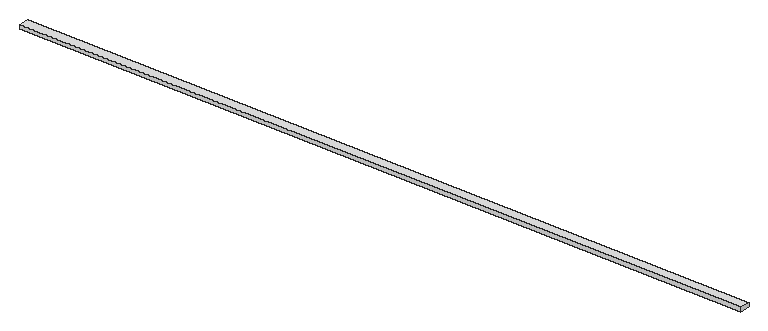
Revit family "MarshallTufflex_ElectricalFittings_TrunkingDado_Mini_MMT3a", category Generic Models, host Face, Revit 2016
Family settings
  Host = Face
  Part Type = Normal
  Can host rebar = No
  Round Connector Dimension = Use Diameter
  OmniClass Number = 23.80.30.17.14
  OmniClass Title = Wireways
  Cut with Voids When Loaded = Yes
  Shared = Yes
  Room Calculation Point = No
Parameters (values of type "MMT3")
  _DistributedBy = "www.bimstore.co.uk"
  _CurrentRevision = 1
  _CreatedBy = "www.marshall-tufflex.com"
  _BimSpecGuid = 0
  _BSBibleVersion = 15
  _AuthorizedBy = "IH"
  _Author = "Marshall-Tufflex Ltd"
  Weekly [instance] = "Please Record On Commisioning"
  WarrantyStartDate [instance] = "Please Record On Commisioning"
  WarrantyID [instance] = "Please Record On Commisioning"
  WarrantyGuarantorParts = "Sales@marshall-tufflex.com"
  WarrantyGuarantorLabor [instance] = "Please Record On Commisioning"
  WarrantyDurationUnit = "Years"
  WarrantyDurationParts = 0
  WarrantyDurationLabor = 0
  WarrantyDescription [instance] = "Please Record On Commisioning"
  URL = "www.marshall-tufflex.com"
  TypeName = "Marshall Tufflex Electrical Fitting Trunking Dado Mini"
  Type Comments = "Dado Trunking Single Compartment With Cover"
  Type = "Trunking"
  Sub-Type = "Dado"
  SquareAngleUp [instance] = no
  SquareAngleDown [instance] = no
  SpareParts = "Sales@marshall-tufflex.com"
  ShippingWeight = 0
  Shape = "38x16mm"
  SerialNumber [instance] = "Please Record On Commisioning"
  ResponsibleSourcingOfMaterials = "n/a"
  ResponsibleExtractionOfMaterials = "n/a"
  ReplacementCost = "Sales@marshall-tufflex.com"
  ReferencedStandard = "BS EN 50085-1"
  ReferenceStandard = "BS EN 50085-1"
  Quarterly [instance] = "Please Record On Commisioning"
  ProductionYear = "2018"
  ProductRange = "Mini"
  ProductModelNumber = "MMT3"
  ProductLiterature = "www.marshall-tufflex.com"
  OverallWidth = 16.000 mm
  OverallLength [instance] = 3000.000 mm
  OverallHeight = 38.000 mm
  O&Mmanual = "www.marshall-tufflex.com"
  NominalLength = 3000.000 mm
  NominalHeight = 38.000 mm
  NominalDepth = 16.000 mm
  NBSReference = "90-55-10/390"
  NBSOfficeMasterTag = "n/a"
  NBSObjectName = "MT MiniTrunkingMMT3"
  NBSNote = ""
  NBSDescription = "Proprietry Tunking"
  Monthly [instance] = "Please Record On Commisioning"
  ModelReference = "Mini"
  ModelNumber = "MMT3"
  Model = "Mini"
  MaterialIngredientReporting = "n/a"
  Material = "PVCu"
  ManufacturerWebsite = "www.marshall-tufflex.com"
  ManufacturerName = "Marshall-Tufflex Ltd"
  Manufacturer = "Marshall-Tufflex Ltd"
  MMT2SquareUnequalTeeUp [instance] = no
  MMT2SquareUnequalTeeDown [instance] = no
  MMT1SquareUnequalTeeUp [instance] = no
  MMT1SquareUnequalTeeDown [instance] = no
  LocationOfManufacturer = "N 50°52'39\" E 0°31'41\""
  LifeCycleAnalysis = "n/a"
  LidConfiguration = "Tamper Proof"
  Keynote = "V90"
  InternalBend [instance] = no
  InstallationDate [instance] = "Please Record On Commisioning"
  IfcExportType = "IfcCableSegmentType"
  IfcExportAs = "IfcFlowSegment"
  GrossWeight = 0
  GreenGuideforSpecification = 0
  Grade = "n/a"
  Fittings = "www.marshall-tufflex.com"
  Finish = "Matt"
  Features = "Variety of sizes, self-fixing and punched options"
  ExternalBend [instance] = no
  ExpectedLife = 0
  ErPEnergyLabel = "n/a"
  EqualSquareTeeUp [instance] = no
  EqualSquareTeeDown [instance] = no
  EnvironmentalProductDeclaration = "n/a"
  EnergyTechnologyList = "n/a"
  EndCapRH [instance] = no
  EndCapLH [instance] = no
  EnclosureRating = "IP4X"
  EmbodiedCarbon = 0
  DurationUnit = "Years"
  DocumentationTechnical = "www.marshall-tufflex.com"
  DocumentationMaintenance = "www.marshall-tufflex.com"
  DocumentationLiterature = "www.marshall-tufflex.com"
  DocumentationInstallationGuide = "www.marshall-tufflex.com"
  DocumentationCertificates = "www.marshall-tufflex.com"
  Description = "Trunking Dado MT Mini MMT3"
  Default Elevation = 1200.000 mm
  Daily [instance] = "Please Record On Commisioning"
  CreatedOn = "2018-11-26T09:00:00"
  CreatedBy = "Sales@marshall-tufflex.com"
  Coupler [instance] = no
  Cost = 0
  Constituents = "Mini Trunking"
  Compartments = "No"
  Colour = "White (RAL9003)"
  Color = "White (RAL9003)"
  CodePerformance = "n/a"
  ClassificationValue = "Pr_65_70_11_61"
  ClassificationName = "Uniclass2015"
  CEApproval = "Yes"
  BespokeTimeframe [instance] = "Please Record On Commisioning"
  BarCode [instance] = "Please Record On Commisioning"
  BIMObjectName = "MarshallTufflex_ElectricalFittings_TrunkingDado_Mini_MMT3"
  AssetType = "Fixed"
  AssetIdentifier [instance] = "Please Record On Commisioning"
  Assembly Code = "D5010"
  Annually [instance] = "Please Record On Commisioning"
  AccessoryBoxDepth = "n/a"
  Accessories = "www.marshall-tufflex.com"
  AccessibilityPerformance = "n/a"
  AccessClearanceTop = 0.000 mm
  AccessClearanceRight = 0.000 mm
  AccessClearanceRear = 0.000 mm
  AccessClearanceLeft = 0.000 mm
  AccessClearanceFront = 0.000 mm
  AccessClearanceBottom = 0.000 mm
  6Monthly [instance] = "Please Record On Commisioning"
Reference planes
  plane 1 "Center (Front/Back)": y = 0
  plane 2: z = 0
  plane 3 "Center (Left/Right)": x = 0
  plane 4: x = 3000
  plane 5: y = -19
  plane 6: y = 19
  plane 7: z = 16
Forms (mm)
  Extrusion 1, solid, material "PVC, Unplasticized"
    sketch origin (0, 0, 0) x (0, 1, 0) y (0, 0, 1)
      loop
        line (19, 0) -> (19, 16) -> (-19, 16) -> (-19, 0) -> (19, 0)
    from 0 to 3000
Dimensions and locks
  "OverallLength": plane 4 to plane 3 "Center (Left/Right)"
  plane 3 "Center (Left/Right)" to plane 4 = 3000.000 mm
  equal spacing: plane 6, plane 1 "Center (Front/Back)", plane 5
  "OverallHeight": plane 6 to plane 5
  "OverallWidth": plane 7 to host face
  aligned and locked: plane 2 to host face
  aligned and locked: level to host face
  aligned and locked: plane 7 to Extrusion 1 sketch curve
  aligned and locked: Extrusion 1 sketch curve to level
  aligned and locked: Extrusion 1 sketch curve to plane 5
  aligned and locked: plane 6 to Extrusion 1 sketch curve
  aligned and locked: Extrusion 1 to plane 4
  aligned and locked: plane 1 "Center (Front/Back)" to nested 1
  aligned and locked: nested 1 to plane 4
  aligned and locked: plane 3 "Center (Left/Right)" to nested 2
  aligned and locked: plane 1 "Center (Front/Back)" to nested 2
  aligned and locked: nested 3 to plane 4
  aligned and locked: plane 1 "Center (Front/Back)" to nested 3
  aligned and locked: plane 4 to nested 5
  aligned and locked: plane 1 "Center (Front/Back)" to nested 5
  aligned and locked: nested 4 to plane 4
  aligned and locked: nested 4 to plane 1 "Center (Front/Back)"
  aligned and locked: plane 4 to nested 7
  aligned and locked: plane 1 "Center (Front/Back)" to nested 7
  aligned and locked: nested 6 to plane 4
  aligned and locked: nested 6 to plane 1 "Center (Front/Back)"
  aligned and locked: plane 4 to nested 9
  aligned and locked: plane 1 "Center (Front/Back)" to nested 9
  aligned and locked: nested 8 to plane 4
  aligned and locked: nested 8 to plane 1 "Center (Front/Back)"
  aligned and locked: nested 10 to plane 4
  aligned and locked: plane 1 "Center (Front/Back)" to nested 10
  aligned and locked: nested 11 to plane 4
  aligned and locked: plane 1 "Center (Front/Back)" to nested 11
  aligned and locked: nested 12 to plane 4
  aligned and locked: plane 1 "Center (Front/Back)" to nested 12
  aligned and locked: plane 4 to nested 13
  aligned and locked: plane 1 "Center (Front/Back)" to nested 13
Automatic sketch dimensions
  host sketch curve to host sketch curve = 2438.400 mm  (x2)
Nested families
  nested 1: "MarshallTufflex_ElectricalFittings_TrunkingDado_Coupler" at (2977.5, 0, 0), visible <- "Coupler", type "MarshallTufflex_ElectricalFittings_TrunkingDado_Mini_Coupler_TC3"
    with Weekly "Please Record On Commisioning", WarrantyStartDate "Please Record On Commisioning", WarrantyID "Please Record On Commisioning", WarrantyGuarantorLabor "Please Record On Commisioning", WarrantyDescription "Please Record On Commisioning", SerialNumber "Please Record On Commisioning", Quarterly "Please Record On Commisioning", Monthly "Please Record On Commisioning", InstallationDate "Please Record On Commisioning", Daily "Please Record On Commisioning", BespokeTimeframe "Please Record On Commisioning", BarCode "Please Record On Commisioning", AssetIdentifier "Please Record On Commisioning", Annually "Please Record On Commisioning", 6Monthly "Please Record On Commisioning"
  nested 2: "MarshallTufflex_ElectricalFittings_TrunkingDado_EndCap" at (-2, 0, 0), visible <- "EndCapLH", type "MarshallTufflex_ElectricalFittings_TrunkingDado_Mini_EndCap_TEC3"
    with Weekly "Please Record On Commisioning", WarrantyStartDate "Please Record On Commisioning", WarrantyID "Please Record On Commisioning", WarrantyGuarantorLabor "Please Record On Commisioning", WarrantyDescription "Please Record On Commisioning", SerialNumber "Please Record On Commisioning", Quarterly "Please Record On Commisioning", Monthly "Please Record On Commisioning", InstallationDate "Please Record On Commisioning", Daily "Please Record On Commisioning", BespokeTimeframe "Please Record On Commisioning", BarCode "Please Record On Commisioning", AssetIdentifier "Please Record On Commisioning", Annually "Please Record On Commisioning", 6Monthly "Please Record On Commisioning"
  nested 3: "MarshallTufflex_ElectricalFittings_TrunkingDado_EndCap" at (3000, 0, 0), visible <- "EndCapRH", type "MarshallTufflex_ElectricalFittings_TrunkingDado_Mini_EndCap_TEC3"
    with Weekly "Please Record On Commisioning", WarrantyStartDate "Please Record On Commisioning", WarrantyID "Please Record On Commisioning", WarrantyGuarantorLabor "Please Record On Commisioning", WarrantyDescription "Please Record On Commisioning", SerialNumber "Please Record On Commisioning", Quarterly "Please Record On Commisioning", Monthly "Please Record On Commisioning", InstallationDate "Please Record On Commisioning", Daily "Please Record On Commisioning", BespokeTimeframe "Please Record On Commisioning", BarCode "Please Record On Commisioning", AssetIdentifier "Please Record On Commisioning", Annually "Please Record On Commisioning", 6Monthly "Please Record On Commisioning"
  nested 4: "MarshallTufflex_ElectricalFittings_TrunkingDado_SquareEqualTee" at (3000, -36.5, 0) x (0, 1, 0) z (0, 0, 1), visible <- "EqualSquareTeeDown", type "MarshallTufflex_ElectricalFittings_TrunkingDado_Mini_EqualSquareTee_TT3-3"
    with Weekly "Please Record On Commisioning", WarrantyStartDate "Please Record On Commisioning", WarrantyID "Please Record On Commisioning", WarrantyGuarantorLabor "Please Record On Commisioning", WarrantyDescription "Please Record On Commisioning", SerialNumber "Please Record On Commisioning", Quarterly "Please Record On Commisioning", Monthly "Please Record On Commisioning", InstallationDate "Please Record On Commisioning", Daily "Please Record On Commisioning", BespokeTimeframe "Please Record On Commisioning", BarCode "Please Record On Commisioning", AssetIdentifier "Please Record On Commisioning", Annually "Please Record On Commisioning", 6Monthly "Please Record On Commisioning"
  nested 5: "MarshallTufflex_ElectricalFittings_TrunkingDado_SquareEqualTee" at (3000, 36.5, 0) x (0, -1, 0) z (0, 0, 1), visible <- "EqualSquareTeeUp", type "MarshallTufflex_ElectricalFittings_TrunkingDado_Mini_EqualSquareTee_TT3-3"
    with Weekly "Please Record On Commisioning", WarrantyStartDate "Please Record On Commisioning", WarrantyID "Please Record On Commisioning", WarrantyGuarantorLabor "Please Record On Commisioning", WarrantyDescription "Please Record On Commisioning", SerialNumber "Please Record On Commisioning", Quarterly "Please Record On Commisioning", Monthly "Please Record On Commisioning", InstallationDate "Please Record On Commisioning", Daily "Please Record On Commisioning", BespokeTimeframe "Please Record On Commisioning", BarCode "Please Record On Commisioning", AssetIdentifier "Please Record On Commisioning", Annually "Please Record On Commisioning", 6Monthly "Please Record On Commisioning"
  nested 6: "MarshallTufflex_ElectricalFittings_TrunkingDado_SquareUnequalTee" at (3000, -36.5, 0) x (0, 1, 0) z (0, 0, 1), visible <- "MMT1SquareUnequalTeeDown", type "MarshallTufflex_ElectricalFittings_TrunkingDado_Mini_SquareUnequalTee_TT3-1"
    with Weekly "Please Record On Commisioning", WarrantyStartDate "Please Record On Commisioning", WarrantyID "Please Record On Commisioning", WarrantyGuarantorLabor "Please Record On Commisioning", WarrantyDescription "Please Record On Commisioning", SerialNumber "Please Record On Commisioning", Quarterly "Please Record On Commisioning", Monthly "Please Record On Commisioning", InstallationDate "Please Record On Commisioning", Daily "Please Record On Commisioning", BespokeTimeframe "Please Record On Commisioning", BarCode "Please Record On Commisioning", AssetIdentifier "Please Record On Commisioning", Annually "Please Record On Commisioning", 6Monthly "Please Record On Commisioning"
  nested 7: "MarshallTufflex_ElectricalFittings_TrunkingDado_SquareUnequalTee" at (3000, 36.5, 0) x (0, -1, 0) z (0, 0, 1), visible <- "MMT1SquareUnequalTeeUp", type "MarshallTufflex_ElectricalFittings_TrunkingDado_Mini_SquareUnequalTee_TT3-1"
    with Weekly "Please Record On Commisioning", WarrantyStartDate "Please Record On Commisioning", WarrantyID "Please Record On Commisioning", WarrantyGuarantorLabor "Please Record On Commisioning", WarrantyDescription "Please Record On Commisioning", SerialNumber "Please Record On Commisioning", Quarterly "Please Record On Commisioning", Monthly "Please Record On Commisioning", InstallationDate "Please Record On Commisioning", Daily "Please Record On Commisioning", BespokeTimeframe "Please Record On Commisioning", BarCode "Please Record On Commisioning", AssetIdentifier "Please Record On Commisioning", Annually "Please Record On Commisioning", 6Monthly "Please Record On Commisioning"
  nested 8: "MarshallTufflex_ElectricalFittings_TrunkingDado_SquareUnequalTee" at (3000, -36.5, 0) x (0, 1, 0) z (0, 0, 1), visible <- "MMT2SquareUnequalTeeDown", type "MarshallTufflex_ElectricalFittings_TrunkingDado_Mini_SquareUnequalTee_TT3-2"
    with Weekly "Please Record On Commisioning", WarrantyStartDate "Please Record On Commisioning", WarrantyID "Please Record On Commisioning", WarrantyGuarantorLabor "Please Record On Commisioning", WarrantyDescription "Please Record On Commisioning", SerialNumber "Please Record On Commisioning", Quarterly "Please Record On Commisioning", Monthly "Please Record On Commisioning", InstallationDate "Please Record On Commisioning", Daily "Please Record On Commisioning", BespokeTimeframe "Please Record On Commisioning", BarCode "Please Record On Commisioning", AssetIdentifier "Please Record On Commisioning", Annually "Please Record On Commisioning", 6Monthly "Please Record On Commisioning"
  nested 9: "MarshallTufflex_ElectricalFittings_TrunkingDado_SquareUnequalTee" at (3000, 36.5, 0) x (0, -1, 0) z (0, 0, 1), visible <- "MMT2SquareUnequalTeeUp", type "MarshallTufflex_ElectricalFittings_TrunkingDado_Mini_SquareUnequalTee_TT3-2"
    with Weekly "Please Record On Commisioning", WarrantyStartDate "Please Record On Commisioning", WarrantyID "Please Record On Commisioning", WarrantyGuarantorLabor "Please Record On Commisioning", WarrantyDescription "Please Record On Commisioning", SerialNumber "Please Record On Commisioning", Quarterly "Please Record On Commisioning", Monthly "Please Record On Commisioning", InstallationDate "Please Record On Commisioning", Daily "Please Record On Commisioning", BespokeTimeframe "Please Record On Commisioning", BarCode "Please Record On Commisioning", AssetIdentifier "Please Record On Commisioning", Annually "Please Record On Commisioning", 6Monthly "Please Record On Commisioning"
  nested 10: "MarshallTufflex_ElectricalFittings_TrunkingDado_InternalBend" at (3000, 0, 0), visible <- "InternalBend", type "MarshallTufflex_ElectricalFittings_TrunkingDado_Mini_InternalBend_TIB3"
    with Weekly "Please Record On Commisioning", WarrantyStartDate "Please Record On Commisioning", WarrantyID "Please Record On Commisioning", WarrantyGuarantorLabor "Please Record On Commisioning", WarrantyDescription "Please Record On Commisioning", SerialNumber "Please Record On Commisioning", Quarterly "Please Record On Commisioning", Monthly "Please Record On Commisioning", InstallationDate "Please Record On Commisioning", Daily "Please Record On Commisioning", BespokeTimeframe "Please Record On Commisioning", BarCode "Please Record On Commisioning", AssetIdentifier "Please Record On Commisioning", Annually "Please Record On Commisioning", 6Monthly "Please Record On Commisioning"
  nested 11: "MarshallTufflex_ElectricalFittings_TrunkingDado_ExternalBend" at (3000, 0, 0), visible <- "ExternalBend", type "MarshallTufflex_ElectricalFittings_TrunkingDado_Mini_ExternalBend_TEB3"
    with Weekly "Please Record On Commisioning", WarrantyStartDate "Please Record On Commisioning", WarrantyID "Please Record On Commisioning", WarrantyGuarantorLabor "Please Record On Commisioning", WarrantyDescription "Please Record On Commisioning", SerialNumber "Please Record On Commisioning", Quarterly "Please Record On Commisioning", Monthly "Please Record On Commisioning", InstallationDate "Please Record On Commisioning", Daily "Please Record On Commisioning", BespokeTimeframe "Please Record On Commisioning", BarCode "Please Record On Commisioning", AssetIdentifier "Please Record On Commisioning", Annually "Please Record On Commisioning", 6Monthly "Please Record On Commisioning"
  nested 12: "MarshallTufflex_ElectricalFittings_TrunkingDado_SquareAngle" at (3000, 0, 0), visible <- "SquareAngleDown", type "MarshallTufflex_ElectricalFittings_TrunkingDado_Mini_SquareAngle_TFB3"
    with Weekly "Please Record On Commisioning", WarrantyStartDate "Please Record On Commisioning", WarrantyID "Please Record On Commisioning", WarrantyGuarantorLabor "Please Record On Commisioning", WarrantyDescription "Please Record On Commisioning", SerialNumber "Please Record On Commisioning", Quarterly "Please Record On Commisioning", Monthly "Please Record On Commisioning", InstallationDate "Please Record On Commisioning", Daily "Please Record On Commisioning", BespokeTimeframe "Please Record On Commisioning", BarCode "Please Record On Commisioning", AssetIdentifier "Please Record On Commisioning", Annually "Please Record On Commisioning", 6Monthly "Please Record On Commisioning"
  nested 13: "MarshallTufflex_ElectricalFittings_TrunkingDado_SquareAngle" at (3000, 0, 0) x (0, -1, 0) z (0, 0, 1), visible <- "SquareAngleUp", type "MarshallTufflex_ElectricalFittings_TrunkingDado_Mini_SquareAngle_TFB3"
    with Weekly "Please Record On Commisioning", WarrantyStartDate "Please Record On Commisioning", WarrantyID "Please Record On Commisioning", WarrantyGuarantorLabor "Please Record On Commisioning", WarrantyDescription "Please Record On Commisioning", SerialNumber "Please Record On Commisioning", Quarterly "Please Record On Commisioning", Monthly "Please Record On Commisioning", InstallationDate "Please Record On Commisioning", Daily "Please Record On Commisioning", BespokeTimeframe "Please Record On Commisioning", BarCode "Please Record On Commisioning", AssetIdentifier "Please Record On Commisioning", Annually "Please Record On Commisioning", 6Monthly "Please Record On Commisioning"
Definition of nested family "MarshallTufflex_ElectricalFittings_TrunkingDado_Coupler"
  Parameters (values of type "MarshallTufflex_ElectricalFittings_TrunkingDado_Mini_Coupler_TC6")
    _DistributedBy = "www.bimstore.co.uk"
    _CurrentRevision = 1
    _CreatedBy = "www.marshall-tufflex.com"
    _BimSpecGuid = 0
    _BSBibleVersion = 15
    _AuthorizedBy = ""
    _Author = "Marshall-Tufflex Ltd"
    Weekly [instance] = "Please Record On Commisioning"
    WarrantyStartDate [instance] = "Please Record On Commisioning"
    WarrantyID [instance] = "Please Record On Commisioning"
    WarrantyGuarantorParts = "Sales@marshall-tufflex.com"
    WarrantyGuarantorLabor [instance] = "Please Record On Commisioning"
    WarrantyDurationUnit = "Years"
    WarrantyDurationParts = 0
    WarrantyDurationLabor = 0
    WarrantyDescription [instance] = "Please Record On Commisioning"
    URL = "www.marshall-tufflex.com"
    TypeName = "Marshall Tufflex Electrical Fitting Trunking Dado Mini"
    Type Comments = "Dado Trunking MMT6 Coupler"
    Type = "Trunking"
    Sub-Type = "Fitting"
    SpareParts = "Sales@marshall-tufflex.com"
    ShippingWeight = 0
    Shape = "40x40mm"
    SerialNumber [instance] = "Please Record On Commisioning"
    ResponsibleSourcingOfMaterials = "n/a"
    ResponsibleExtractionOfMaterials = "n/a"
    ReplacementCost = "Sales@marshall-tufflex.com"
    ReferencedStandard = "BS EN 50085-1"
    ReferenceStandard = "BS EN 50085-1"
    Quarterly [instance] = "Please Record On Commisioning"
    ProductionYear = "2018"
    ProductRange = "Mini"
    ProductModelNumber = "TC6"
    ProductLiterature = "www.marshall-tufflex.com"
    OverallWidth = 40.000 mm
    OverallLength = 50.000 mm
    OverallHeight = 40.000 mm
    O&Mmanual = "www.marshall-tufflex.com"
    NominalLength = 50.000 mm
    NominalHeight = 40.000 mm
    NominalDepth = 40.000 mm
    NBSReference = "90-55-10/390"
    NBSOfficeMasterTag = "n/a"
    NBSObjectName = "MT MiniCouplerTC6"
    NBSNote = ""
    NBSDescription = "Proprietry Tunking"
    Monthly [instance] = "Please Record On Commisioning"
    ModelReference = "Mini"
    ModelNumber = "TC6"
    Model = "Mini"
    MaterialIngredientReporting = "n/a"
    Material = "PVCu"
    ManufacturerWebsite = "www.marshall-tufflex.com"
    ManufacturerName = "Marshall-Tufflex Ltd"
    Manufacturer = "Marshall-Tufflex Ltd"
    LocationOfManufacturer = "N 50°52'39\" E 0°31'41\""
    LifeCycleAnalysis = "n/a"
    LidConfiguration = "Tamper Proof"
    Keynote = "V90"
    InstallationDate [instance] = "Please Record On Commisioning"
    IfcExportType = "IfcCableSegmentType"
    IfcExportAs = "IfcFlowSegment"
    GrossWeight = 0
    GreenGuideforSpecification = 0
    Grade = "n/a"
    Fittings = "www.marshall-tufflex.com"
    Finish = "Matt"
    Features = "Variety of sizes, self-fixing and punched options"
    ExpectedLife = 0
    ErPEnergyLabel = "n/a"
    EnvironmentalProductDeclaration = "n/a"
    EnergyTechnologyList = "n/a"
    EnclosureRating = "IP4X"
    EmbodiedCarbon = 0
    DurationUnit = "Years"
    DocumentationTechnical = "www.marshall-tufflex.com"
    DocumentationMaintenance = "www.marshall-tufflex.com"
    DocumentationLiterature = "www.marshall-tufflex.com"
    DocumentationInstallationGuide = "www.marshall-tufflex.com"
    DocumentationCertificates = "www.marshall-tufflex.com"
    Description = "Trunking Dado MT Mini Coupler TC6"
    Default Elevation = 1200.000 mm
    DatumLine = OverallLength / 2  # 25.000 mm
    Daily [instance] = "Please Record On Commisioning"
    CreatedOn = "2018-11-26T09:00:00"
    CreatedBy = "Sales@marshall-tufflex.com"
    Cost = 0
    Constituents = "Mini Trunking"
    Compartments = "No"
    Colour = "White (RAL9003)"
    Color = "White (RAL9003)"
    CodePerformance = "n/a"
    ClassificationValue = "Pr_65_70_11_61"
    ClassificationName = "Uniclass2015"
    CEApproval = "Yes"
    BespokeTimeframe [instance] = "Please Record On Commisioning"
    BarCode [instance] = "Please Record On Commisioning"
    BIMObjectName = "MarshallTufflex_ElectricalFittings_TrunkingDado_Mini_Coupler_TC6"
    AssetType = "Fixed"
    AssetIdentifier [instance] = "Please Record On Commisioning"
    Assembly Code = "D5010"
    Annually [instance] = "Please Record On Commisioning"
    AccessoryBoxDepth = "n/a"
    Accessories = "www.marshall-tufflex.com"
    AccessibilityPerformance = "n/a"
    AccessClearanceTop = 0.000 mm
    AccessClearanceRight = 0.000 mm
    AccessClearanceRear = 0.000 mm
    AccessClearanceLeft = 0.000 mm
    AccessClearanceFront = 0.000 mm
    AccessClearanceBottom = 0.000 mm
    6Monthly [instance] = "Please Record On Commisioning"
  Types (6, lengths in mm): name | Type Comments | Shape | ProductModelNumber | OverallWidth | OverallLength | OverallHeight | NominalLength | NominalHeight | NominalDepth | NBSObjectName | ModelNumber | Description | DatumLine | BIMObjectName
    MarshallTufflex_ElectricalFittings_TrunkingDado_Mini_Coupler_TC1 | "Dado Trunking MMT1 Coupler" | "19x18mm" | "TC1" | 18.000 | 45.000 | 19.000 | 45.000 | 19.000 | 18.000 | "MT MiniCouplerTC1" | "TC1" | "Trunking Dado MT Mini Coupler TC1" | 22.500 | "MarshallTufflex_ElectricalFittings_TrunkingDado_Mini_Coupler_TC1"
    MarshallTufflex_ElectricalFittings_TrunkingDado_Mini_Coupler_TC2 | "Dado Trunking MMT2 Coupler" | "28x18mm" | "TC2" | 18.000 | 45.000 | 28.000 | 45.000 | 28.000 | 18.000 | "MT MiniCouplerTC2" | "TC2" | "Trunking Dado MT Mini Coupler TC2" | 22.500 | "MarshallTufflex_ElectricalFittings_TrunkingDado_Mini_Coupler_TC2"
    MarshallTufflex_ElectricalFittings_TrunkingDado_Mini_Coupler_TC3 | "Dado Trunking MMT3 Coupler" | "41x18mm" | "TC3" | 18.000 | 45.000 | 41.000 | 45.000 | 41.000 | 18.000 | "MT MiniCouplerTC3" | "TC3" | "Trunking Dado MT Mini Coupler TC3" | 22.500 | "MarshallTufflex_ElectricalFittings_TrunkingDado_Mini_Coupler_TC3"
    MarshallTufflex_ElectricalFittings_TrunkingDado_Mini_Coupler_TC4 | "Dado Trunking MMT4 Coupler" | "41x27mm" | "TC4" | 27.000 | 45.000 | 41.000 | 45.000 | 41.000 | 27.000 | "MT MiniCouplerTC4" | "TC4" | "Trunking Dado MT Mini Coupler TC4" | 22.500 | "MarshallTufflex_ElectricalFittings_TrunkingDado_Mini_Coupler_TC4"
    MarshallTufflex_ElectricalFittings_TrunkingDado_Mini_Coupler_TC5 | "Dado Trunking MMT5 Coupler" | "53x27mm" | "TC5" | 27.000 | 85.000 | 53.000 | 85.000 | 53.000 | 27.000 | "MT MiniCouplerTC5" | "TC5" | "Trunking Dado MT Mini Coupler TC5" | 42.500 | "MarshallTufflex_ElectricalFittings_TrunkingDado_Mini_Coupler_TC5"
    MarshallTufflex_ElectricalFittings_TrunkingDado_Mini_Coupler_TC6 | "Dado Trunking MMT6 Coupler" | "40x40mm" | "TC6" | 40.000 | 50.000 | 40.000 | 50.000 | 40.000 | 40.000 | "MT MiniCouplerTC6" | "TC6" | "Trunking Dado MT Mini Coupler TC6" | 25.000 | "MarshallTufflex_ElectricalFittings_TrunkingDado_Mini_Coupler_TC6"
  Reference planes
    plane 1 "Center (Front/Back)": y = 0
    plane 2: z = 0
    plane 3 "Center (Left/Right)": x = 0
    plane 4: x = 50
    plane 5: y = -20
    plane 6: y = 20
    plane 7: z = 40
    plane 8: x = 25
  Forms (mm)
    Extrusion 1, solid
      sketch origin (0, 0, 0) x (1, 0, 0) y (0, 1, 0)
        loop
          line (-1219.2, 1219.2) -> (-1219.2, -1219.2) -> (1219.2, -1219.2) -> (1219.2, 1219.2) -> (-1219.2, 1219.2)
      from 0 to -304.8
    Extrusion 2, solid
      sketch origin (0, 0, 0) x (1, 0, 0) y (0, 1, 0)
        loop
          line (0, -20) -> (50, -20) -> (50, 20) -> (0, 20) -> (0, -20)
      from 0 to 40
  Dimensions and locks
    "OverallLength": plane 4 to plane 3 "Center (Left/Right)"
    plane 3 "Center (Left/Right)" to plane 4 = 50.000 mm
    equal spacing: plane 6, plane 1 "Center (Front/Back)", plane 5
    "OverallHeight": plane 6 to plane 5
    "OverallWidth": plane 7 to Extrusion 1
    "DatumLine": plane 3 "Center (Left/Right)" to plane 8
    aligned and locked: plane 2 to Extrusion 1
    aligned and locked: level to Extrusion 1
    aligned and locked: plane 6 to Extrusion 2 sketch curve
    aligned and locked: Extrusion 2 sketch curve to plane 5
    aligned and locked: Extrusion 2 sketch curve to plane 4
    aligned and locked: Extrusion 2 sketch curve to plane 3 "Center (Left/Right)"
    aligned and locked: plane 7 to Extrusion 2
  Automatic sketch dimensions
    Extrusion 1 sketch curve to Extrusion 1 sketch curve = 2438.400 mm  (x2)
Definition of nested family "MarshallTufflex_ElectricalFittings_TrunkingDado_EndCap"
  Parameters (values of type "MarshallTufflex_ElectricalFittings_TrunkingDado_Mini_EndCap_TEC1")
    _DistributedBy = "www.bimstore.co.uk"
    _CurrentRevision = 1
    _CreatedBy = "www.marshall-tufflex.com"
    _BimSpecGuid = 0
    _BSBibleVersion = 15
    _AuthorizedBy = ""
    _Author = "Marshall-Tufflex Ltd"
    Weekly [instance] = "Please Record On Commisioning"
    WarrantyStartDate [instance] = "Please Record On Commisioning"
    WarrantyID [instance] = "Please Record On Commisioning"
    WarrantyGuarantorParts = "Sales@marshall-tufflex.com"
    WarrantyGuarantorLabor [instance] = "Please Record On Commisioning"
    WarrantyDurationUnit = "Years"
    WarrantyDurationParts = 0
    WarrantyDurationLabor = 0
    WarrantyDescription [instance] = "Please Record On Commisioning"
    URL = "www.marshall-tufflex.com"
    TypeName = "Marshall Tufflex Electrical Fitting Trunking Dado Mini"
    Type Comments = "Dado Trunking MMT1 End Cap"
    Type = "Trunking"
    Sub-Type = "Fitting"
    SpareParts = "Sales@marshall-tufflex.com"
    ShippingWeight = 0
    Shape = "16x16mm"
    SerialNumber [instance] = "Please Record On Commisioning"
    ResponsibleSourcingOfMaterials = "n/a"
    ResponsibleExtractionOfMaterials = "n/a"
    ReplacementCost = "Sales@marshall-tufflex.com"
    ReferencedStandard = "BS EN 50085-1"
    ReferenceStandard = "BS EN 50085-1"
    Quarterly [instance] = "Please Record On Commisioning"
    ProductionYear = "2018"
    ProductRange = "Mini"
    ProductModelNumber = "TEC1"
    ProductLiterature = "www.marshall-tufflex.com"
    OverallWidth = 16.000 mm
    OverallLength = 2.000 mm
    OverallHeight = 16.000 mm
    O&Mmanual = "www.marshall-tufflex.com"
    NominalLength = 2.000 mm
    NominalHeight = 16.000 mm
    NominalDepth = 16.000 mm
    NBSReference = "90-55-10/390"
    NBSOfficeMasterTag = "n/a"
    NBSObjectName = "MT MiniEndCapTEC1"
    NBSNote = ""
    NBSDescription = "Proprietry Tunking"
    Monthly [instance] = "Please Record On Commisioning"
    ModelReference = "Mini"
    ModelNumber = "TEC1"
    Model = "Mini"
    MaterialIngredientReporting = "n/a"
    Material = "PVCu"
    ManufacturerWebsite = "www.marshall-tufflex.com"
    ManufacturerName = "Marshall-Tufflex Ltd"
    Manufacturer = "Marshall-Tufflex Ltd"
    LocationOfManufacturer = "N 50°52'39\" E 0°31'41\""
    LifeCycleAnalysis = "n/a"
    LidConfiguration = "Tamper Proof"
    Keynote = "V90"
    InstallationDate [instance] = "Please Record On Commisioning"
    IfcExportType = "IfcCableSegmentType"
    IfcExportAs = "IfcFlowSegment"
    GrossWeight = 0
    GreenGuideforSpecification = 0
    Grade = "n/a"
    Fittings = "www.marshall-tufflex.com"
    Finish = "Matt"
    Features = "Variety of sizes, self-fixing and punched options"
    ExpectedLife = 0
    ErPEnergyLabel = "n/a"
    EnvironmentalProductDeclaration = "n/a"
    EnergyTechnologyList = "n/a"
    EnclosureRating = "IP4X"
    EmbodiedCarbon = 0
    DurationUnit = "Years"
    DocumentationTechnical = "www.marshall-tufflex.com"
    DocumentationMaintenance = "www.marshall-tufflex.com"
    DocumentationLiterature = "www.marshall-tufflex.com"
    DocumentationInstallationGuide = "www.marshall-tufflex.com"
    DocumentationCertificates = "www.marshall-tufflex.com"
    Description = "Trunking Dado MT Mini End Cap TEC1"
    Default Elevation = 1200.000 mm
    Daily [instance] = "Please Record On Commisioning"
    CreatedOn = "2018-11-26T09:00:00"
    CreatedBy = "Sales@marshall-tufflex.com"
    Cost = 0
    Constituents = "Mini Trunking"
    Compartments = "No"
    Colour = "White (RAL9003)"
    Color = "White (RAL9003)"
    CodePerformance = "n/a"
    ClassificationValue = "Pr_65_70_11_61"
    ClassificationName = "Uniclass2015"
    CEApproval = "Yes"
    BespokeTimeframe [instance] = "Please Record On Commisioning"
    BarCode [instance] = "Please Record On Commisioning"
    BIMObjectName = "MarshallTufflex_ElectricalFittings_TrunkingDado_Mini_EndCap_TEC1"
    AssetType = "Fixed"
    AssetIdentifier [instance] = "Please Record On Commisioning"
    Assembly Code = "D5010"
    Annually [instance] = "Please Record On Commisioning"
    AccessoryBoxDepth = "n/a"
    Accessories = "www.marshall-tufflex.com"
    AccessibilityPerformance = "n/a"
    AccessClearanceTop = 0.000 mm
    AccessClearanceRight = 0.000 mm
    AccessClearanceRear = 0.000 mm
    AccessClearanceLeft = 0.000 mm
    AccessClearanceFront = 0.000 mm
    AccessClearanceBottom = 0.000 mm
    6Monthly [instance] = "Please Record On Commisioning"
  Types (6, lengths in mm): name | Type Comments | Shape | ProductModelNumber | OverallWidth | OverallHeight | NominalHeight | NominalDepth | NBSObjectName | ModelNumber | Description | BIMObjectName
    MarshallTufflex_ElectricalFittings_TrunkingDado_Mini_EndCap_TEC1 | "Dado Trunking MMT1 End Cap" | "16x16mm" | "TEC1" | 16.000 | 16.000 | 16.000 | 16.000 | "MT MiniEndCapTEC1" | "TEC1" | "Trunking Dado MT Mini End Cap TEC1" | "MarshallTufflex_ElectricalFittings_TrunkingDado_Mini_EndCap_TEC1"
    MarshallTufflex_ElectricalFittings_TrunkingDado_Mini_EndCap_TEC2 | "Dado Trunking MMT2 End Cap" | "25x16mm" | "TEC2" | 16.000 | 25.000 | 25.000 | 16.000 | "MT MiniEndCapTEC2" | "TEC2" | "Trunking Dado MT Mini End Cap TEC2" | "MarshallTufflex_ElectricalFittings_TrunkingDado_Mini_EndCap_TEC2"
    MarshallTufflex_ElectricalFittings_TrunkingDado_Mini_EndCap_TEC3 | "Dado Trunking MMT3 End Cap" | "38x16mm" | "TEC3" | 16.000 | 38.000 | 38.000 | 16.000 | "MT MiniEndCapTEC3" | "TEC3" | "Trunking Dado MT Mini End Cap TEC3" | "MarshallTufflex_ElectricalFittings_TrunkingDado_Mini_EndCap_TEC3"
    MarshallTufflex_ElectricalFittings_TrunkingDado_Mini_EndCap_TEC4 | "Dado Trunking MMT4 End Cap" | "38x25mm" | "TEC4" | 25.000 | 38.000 | 38.000 | 25.000 | "MT MiniEndCapTEC4" | "TEC4" | "Trunking Dado MT Mini End Cap TEC4" | "MarshallTufflex_ElectricalFittings_TrunkingDado_Mini_EndCap_TEC4"
    MarshallTufflex_ElectricalFittings_TrunkingDado_Mini_EndCap_TEC5 | "Dado Trunking MMT5 End Cap" | "50x25mm" | "TEC5" | 25.000 | 50.000 | 50.000 | 25.000 | "MT MiniEndCapTEC5" | "TEC5" | "Trunking Dado MT Mini End Cap TEC5" | "MarshallTufflex_ElectricalFittings_TrunkingDado_Mini_EndCap_TEC5"
    MarshallTufflex_ElectricalFittings_TrunkingDado_Mini_EndCap_TEC6 | "Dado Trunking MMT6 End Cap" | "38x38mm" | "TEC6" | 38.000 | 38.000 | 38.000 | 38.000 | "MT MiniEndCapTEC6" | "TEC6" | "Trunking Dado MT Mini End Cap TEC6" | "MarshallTufflex_ElectricalFittings_TrunkingDado_Mini_EndCap_TEC6"
  Reference planes
    plane 1 "Center (Front/Back)": y = 0
    plane 2: z = 0
    plane 3 "Center (Left/Right)": x = 0
    plane 4: x = 2
    plane 5: y = -8
    plane 6: y = 8
    plane 7: z = 16
  Forms (mm)
    Extrusion 1, solid
      sketch origin (0, 0, 0) x (1, 0, 0) y (0, 1, 0)
        loop
          line (-1219.2, 1219.2) -> (-1219.2, -1219.2) -> (1219.2, -1219.2) -> (1219.2, 1219.2) -> (-1219.2, 1219.2)
      from 0 to -304.8
    Extrusion 2, solid
      sketch origin (0, 0, 0) x (0, 1, 0) y (0, 0, 1)
        loop
          line (8, 16) -> (-8, 16) -> (-8, 0) -> (8, 0) -> (8, 16)
      from 0 to 2
  Dimensions and locks
    "OverallLength": plane 4 to plane 3 "Center (Left/Right)"
    plane 3 "Center (Left/Right)" to plane 4 = 2.000 mm
    equal spacing: plane 6, plane 1 "Center (Front/Back)", plane 5
    "OverallHeight": plane 6 to plane 5
    "OverallWidth": plane 7 to Extrusion 1
    aligned and locked: plane 2 to Extrusion 1
    aligned and locked: level to Extrusion 1
    aligned and locked: plane 7 to Extrusion 2 sketch curve
    aligned and locked: plane 6 to Extrusion 2 sketch curve
    aligned and locked: Extrusion 2 sketch curve to level
    aligned and locked: Extrusion 2 sketch curve to plane 5
    aligned and locked: Extrusion 2 to plane 4
  Automatic sketch dimensions
    Extrusion 1 sketch curve to Extrusion 1 sketch curve = 2438.400 mm  (x2)
Definition of nested family "MarshallTufflex_ElectricalFittings_TrunkingDado_SquareEqualTee"
  Parameters (values of type "MarshallTufflex_ElectricalFittings_TrunkingDado_Mini_EqualSquareTee_TT4-4")
    _DistributedBy = "www.bimstore.co.uk"
    _CurrentRevision = 1
    _CreatedBy = "www.marshall-tufflex.com"
    _BimSpecGuid = 0
    _BSBibleVersion = 15
    _AuthorizedBy = ""
    _Author = "Marshall-Tufflex Ltd"
    Weekly [instance] = "Please Record On Commisioning"
    WarrantyStartDate [instance] = "Please Record On Commisioning"
    WarrantyID [instance] = "Please Record On Commisioning"
    WarrantyGuarantorParts = "Sales@marshall-tufflex.com"
    WarrantyGuarantorLabor [instance] = "Please Record On Commisioning"
    WarrantyDurationUnit = "Years"
    WarrantyDurationParts = 0
    WarrantyDurationLabor = 0
    WarrantyDescription [instance] = "Please Record On Commisioning"
    URL = "www.marshall-tufflex.com"
    TypeName = "Marshall Tufflex Electrical Fitting Trunking Dado Mini"
    Type Comments = "Dado Trunking MMT4 Equal Square Tee"
    Type = "Trunking"
    Sub-Type = "Fitting"
    SpareParts = "Sales@marshall-tufflex.com"
    ShippingWeight = 0
    Shape = "41x27mm"
    SerialNumber [instance] = "Please Record On Commisioning"
    ResponsibleSourcingOfMaterials = "n/a"
    ResponsibleExtractionOfMaterials = "n/a"
    ReplacementCost = "Sales@marshall-tufflex.com"
    ReferencedStandard = "BS EN 50085-1"
    ReferenceStandard = "BS EN 50085-1"
    Quarterly [instance] = "Please Record On Commisioning"
    ProductionYear = "2018"
    ProductRange = "Mini"
    ProductModelNumber = "TT4-4"
    ProductLiterature = "www.marshall-tufflex.com"
    OverallWidth = 57.000 mm
    OverallLength = 73.000 mm
    OverallHeight = 27.000 mm
    O&Mmanual = "www.marshall-tufflex.com"
    NominalLength = NominalDepth / 2  # 20.500 mm
    NominalHeight = 27.000 mm
    NominalDepth = 41.000 mm
    NBSReference = "90-55-10/390"
    NBSOfficeMasterTag = "n/a"
    NBSObjectName = "MT MiniEqualSquareTeeTT4-4"
    NBSNote = ""
    NBSDescription = "Proprietry Tunking"
    Monthly [instance] = "Please Record On Commisioning"
    ModelReference = "Mini"
    ModelNumber = "TT4-4"
    Model = "Mini"
    MaterialIngredientReporting = "n/a"
    Material = "PVCu"
    ManufacturerWebsite = "www.marshall-tufflex.com"
    ManufacturerName = "Marshall-Tufflex Ltd"
    Manufacturer = "Marshall-Tufflex Ltd"
    LocationOfManufacturer = "N 50°52'39\" E 0°31'41\""
    LifeCycleAnalysis = "n/a"
    LidConfiguration = "Tamper Proof"
    Keynote = "V90"
    InstallationDate [instance] = "Please Record On Commisioning"
    IfcExportType = "IfcCableSegmentType"
    IfcExportAs = "IfcFlowSegment"
    GrossWeight = 0
    GreenGuideforSpecification = 0
    Grade = "n/a"
    Fittings = "www.marshall-tufflex.com"
    Finish = "Matt"
    Features = "Variety of sizes, self-fixing and punched options"
    ExpectedLife = 0
    ErPEnergyLabel = "n/a"
    EnvironmentalProductDeclaration = "n/a"
    EnergyTechnologyList = "n/a"
    EnclosureRating = "IP4X"
    EmbodiedCarbon = 0
    DurationUnit = "Years"
    DocumentationTechnical = "www.marshall-tufflex.com"
    DocumentationMaintenance = "www.marshall-tufflex.com"
    DocumentationLiterature = "www.marshall-tufflex.com"
    DocumentationInstallationGuide = "www.marshall-tufflex.com"
    DocumentationCertificates = "www.marshall-tufflex.com"
    Description = "Trunking Dado MT Mini Equal Square Tee TT4-4"
    Default Elevation = 1200.000 mm
    Daily [instance] = "Please Record On Commisioning"
    CreatedOn = "2018-11-26T09:00:00"
    CreatedBy = "Sales@marshall-tufflex.com"
    Cost = 0
    Constituents = "Mini Trunking"
    Compartments = "No"
    Colour = "White (RAL9003)"
    Color = "White (RAL9003)"
    CodePerformance = "n/a"
    ClassificationValue = "Pr_65_70_11_61"
    ClassificationName = "Uniclass2015"
    CEApproval = "Yes"
    BespokeTimeframe [instance] = "Please Record On Commisioning"
    BarCode [instance] = "Please Record On Commisioning"
    BIMObjectName = "MarshallTufflex_ElectricalFittings_TrunkingDado_Mini_EqualSquareTee_TT4-4"
    AssetType = "Fixed"
    AssetIdentifier [instance] = "Please Record On Commisioning"
    Assembly Code = "D5010"
    Annually [instance] = "Please Record On Commisioning"
    AccessoryBoxDepth = "n/a"
    Accessories = "www.marshall-tufflex.com"
    AccessibilityPerformance = "n/a"
    AccessClearanceTop = 0.000 mm
    AccessClearanceRight = 0.000 mm
    AccessClearanceRear = 0.000 mm
    AccessClearanceLeft = 0.000 mm
    AccessClearanceFront = 0.000 mm
    AccessClearanceBottom = 0.000 mm
    6Monthly [instance] = "Please Record On Commisioning"
  Types (6, lengths in mm): name | Type Comments | Shape | ProductModelNumber | OverallWidth | OverallLength | OverallHeight | NominalLength | NominalHeight | NominalDepth | NBSObjectName | ModelNumber | Description | BIMObjectName
    MarshallTufflex_ElectricalFittings_TrunkingDado_Mini_EqualSquareTee_TT1-1 | "Dado Trunking MMT1 Equal Square Tee" | "19x18mm" | "TT1-1" | 35.000 | 51.000 | 18.000 | 9.500 | 18.000 | 19.000 | "MT MiniEqualSquareTeeTT1-1" | "TT1-1" | "Trunking Dado MT Mini Equal Square Tee TT1-1" | "MarshallTufflex_ElectricalFittings_TrunkingDado_Mini_EqualSquareTee_TT1-1"
    MarshallTufflex_ElectricalFittings_TrunkingDado_Mini_EqualSquareTee_TT2-2 | "Dado Trunking MMT2 Equal Square Tee" | "28x18mm" | "TT2-2" | 44.000 | 60.000 | 18.000 | 14.000 | 18.000 | 28.000 | "MT MiniEqualSquareTeeTT2-2" | "TT2-2" | "Trunking Dado MT Mini Equal Square Tee TT2-2" | "MarshallTufflex_ElectricalFittings_TrunkingDado_Mini_EqualSquareTee_TT2-2"
    MarshallTufflex_ElectricalFittings_TrunkingDado_Mini_EqualSquareTee_TT3-3 | "Dado Trunking MMT3 Equal Square Tee" | "38x16mm" | "TT3-3" | 57.000 | 73.000 | 18.000 | 20.500 | 18.000 | 41.000 | "MT MiniEqualSquareTeeTT3-3" | "TT3-3" | "Trunking Dado MT Mini Equal Square Tee TT3-3" | "MarshallTufflex_ElectricalFittings_TrunkingDado_Mini_EqualSquareTee_TT3-3"
    MarshallTufflex_ElectricalFittings_TrunkingDado_Mini_EqualSquareTee_TT4-4 | "Dado Trunking MMT4 Equal Square Tee" | "41x27mm" | "TT4-4" | 57.000 | 73.000 | 27.000 | 20.500 | 27.000 | 41.000 | "MT MiniEqualSquareTeeTT4-4" | "TT4-4" | "Trunking Dado MT Mini Equal Square Tee TT4-4" | "MarshallTufflex_ElectricalFittings_TrunkingDado_Mini_EqualSquareTee_TT4-4"
    MarshallTufflex_ElectricalFittings_TrunkingDado_Mini_EqualSquareTee_TT5-5 | "Dado Trunking MMT5 Equal Square Tee" | "53x27mm" | "TT5-5" | 69.000 | 85.000 | 27.000 | 26.500 | 27.000 | 53.000 | "MT MiniEqualSquareTeeTT5-5" | "TT5-5" | "Trunking Dado MT Mini Equal Square Tee TT5-5" | "MarshallTufflex_ElectricalFittings_TrunkingDado_Mini_EqualSquareTee_TT5-5"
    MarshallTufflex_ElectricalFittings_TrunkingDado_Mini_EqualSquareTee_TT6-6 | "Dado Trunking MMT6 Equal Square Tee" | "40x40mm" | "TT6-6" | 58.000 | 73.000 | 40.000 | 20.000 | 40.000 | 40.000 | "MT MiniEqualSquareTeeTT6-6" | "TT6-6" | "Trunking Dado MT Mini Equal Square Tee TT6-6" | "MarshallTufflex_ElectricalFittings_TrunkingDado_Mini_EqualSquareTee_TT6-6"
  Reference planes
    plane 1 "Center (Front/Back)": y = 0
    plane 2: z = 0
    plane 3 "Center (Left/Right)": x = 0
    plane 4: y = 20.5
    plane 5: y = -20.5
    plane 6: x = 57
    plane 7: x = 16
    plane 8: z = 27
    plane 9: y = 36.5
    plane 10: y = -36.5
    plane 11: x = 36.5
  Forms (mm)
    Extrusion 1, solid
      sketch origin (0, 0, 0) x (1, 0, 0) y (0, 1, 0)
        loop
          line (-1219.2, 1219.2) -> (-1219.2, -1219.2) -> (1219.2, -1219.2) -> (1219.2, 1219.2) -> (-1219.2, 1219.2)
      from 0 to -304.8
    Extrusion 2, solid
      sketch origin (0, 0, 0) x (1, 0, 0) y (0, 1, 0)
        loop
          line (0, 20.5) -> (0, -20.5) -> (16, -20.5) -> (16, -36.5) -> (57, -36.5) -> (57, 36.5) -> (16, 36.5) -> (16, 20.5) -> (0, 20.5)
      from 0 to 27
  Dimensions and locks
    equal spacing: plane 4, plane 1 "Center (Front/Back)", plane 5
    "NominalDepth": plane 4 to plane 5
    "NominalDepth": plane 7 to plane 6
    "OverallWidth": plane 3 "Center (Left/Right)" to plane 6
    "NominalHeight": Extrusion 1 to plane 8
    equal spacing: plane 9, plane 1 "Center (Front/Back)", plane 10
    "OverallLength": plane 9 to plane 10
    "NominalLength": plane 7 to plane 11
    aligned and locked: plane 2 to Extrusion 1
    aligned and locked: level to Extrusion 1
    aligned and locked: Extrusion 2 sketch curve to plane 7  (x2)
    aligned and locked: Extrusion 2 sketch curve to plane 9
    aligned and locked: Extrusion 2 sketch curve to plane 4
    aligned and locked: plane 3 "Center (Left/Right)" to Extrusion 2 sketch curve
    aligned and locked: plane 5 to Extrusion 2 sketch curve
    aligned and locked: Extrusion 2 sketch curve to plane 10
    aligned and locked: Extrusion 2 sketch curve to plane 6
    aligned and locked: plane 8 to Extrusion 2
  Automatic sketch dimensions
    Extrusion 1 sketch curve to Extrusion 1 sketch curve = 2438.400 mm  (x2)
Definition of nested family "MarshallTufflex_ElectricalFittings_TrunkingDado_SquareUnequalTee"
  Parameters (values of type "MarshallTufflex_ElectricalFittings_TrunkingDado_Mini_SquareUnequalTee_TT4-3")
    _DistributedBy = "www.bimstore.co.uk"
    _CurrentRevision = 1
    _CreatedBy = "www.marshall-tufflex.com"
    _BimSpecGuid = 0
    _BSBibleVersion = 15
    _AuthorizedBy = ""
    _Author = "Marshall-Tufflex Ltd"
    Weekly [instance] = "Please Record On Commisioning"
    WarrantyStartDate [instance] = "Please Record On Commisioning"
    WarrantyID [instance] = "Please Record On Commisioning"
    WarrantyGuarantorParts = "Sales@marshall-tufflex.com"
    WarrantyGuarantorLabor [instance] = "Please Record On Commisioning"
    WarrantyDurationUnit = "Years"
    WarrantyDurationParts = 0
    WarrantyDurationLabor = 0
    WarrantyDescription [instance] = "Please Record On Commisioning"
    URL = "www.marshall-tufflex.com"
    TypeName = "Marshall Tufflex Electrical Fitting Trunking Dado Mini"
    Type Comments = "Dado Trunking MMT4/MMT3 Square Unequal Tee"
    Type = "Trunking"
    Sub-Type = "Fitting"
    SpareParts = "Sales@marshall-tufflex.com"
    ShippingWeight = 0
    Shape = "41x27mm"
    SerialNumber [instance] = "Please Record On Commisioning"
    ResponsibleSourcingOfMaterials = "n/a"
    ResponsibleExtractionOfMaterials = "n/a"
    ReplacementCost = "Sales@marshall-tufflex.com"
    ReferencedStandard = "BS EN 50085-1"
    ReferenceStandard = "BS EN 50085-1"
    Quarterly [instance] = "Please Record On Commisioning"
    ProductionYear = "2018"
    ProductRange = "Mini"
    ProductModelNumber = "TT4-3"
    ProductLiterature = "www.marshall-tufflex.com"
    OverallWidth = 57.000 mm
    OverallLength = 73.000 mm
    OverallHeight = 18.000 mm
    O&Mmanual = "www.marshall-tufflex.com"
    NominalLength = NominalDepth / 2  # 20.500 mm
    NominalHeight = 27.000 mm
    NominalDepth2 = 41.000 mm
    NominalDepth = 41.000 mm
    NBSReference = "90-55-10/390"
    NBSOfficeMasterTag = "n/a"
    NBSObjectName = "MT MiniSquareUnequalTeeTT4-3"
    NBSNote = ""
    NBSDescription = "Proprietry Tunking"
    Monthly [instance] = "Please Record On Commisioning"
    ModelReference = "Mini"
    ModelNumber = "TT4-3"
    Model = "Mini"
    MaterialIngredientReporting = "n/a"
    Material = "PVCu"
    ManufacturerWebsite = "www.marshall-tufflex.com"
    ManufacturerName = "Marshall-Tufflex Ltd"
    Manufacturer = "Marshall-Tufflex Ltd"
    LocationOfManufacturer = "N 50°52'39\" E 0°31'41\""
    LifeCycleAnalysis = "n/a"
    LidConfiguration = "Tamper Proof"
    Keynote = "V90"
    InstallationDate [instance] = "Please Record On Commisioning"
    IfcExportType = "IfcCableSegmentType"
    IfcExportAs = "IfcFlowSegment"
    GrossWeight = 0
    GreenGuideforSpecification = 0
    Grade = "n/a"
    Fittings = "www.marshall-tufflex.com"
    Finish = "Matt"
    Features = "Variety of sizes, self-fixing and punched options"
    ExpectedLife = 0
    ErPEnergyLabel = "n/a"
    EnvironmentalProductDeclaration = "n/a"
    EnergyTechnologyList = "n/a"
    EnclosureRating = "IP4X"
    EmbodiedCarbon = 0
    DurationUnit = "Years"
    DocumentationTechnical = "www.marshall-tufflex.com"
    DocumentationMaintenance = "www.marshall-tufflex.com"
    DocumentationLiterature = "www.marshall-tufflex.com"
    DocumentationInstallationGuide = "www.marshall-tufflex.com"
    DocumentationCertificates = "www.marshall-tufflex.com"
    Description = "Trunking Dado MT Mini Square Unequal Tee TT4-3"
    Default Elevation = 1200.000 mm
    Daily [instance] = "Please Record On Commisioning"
    CreatedOn = "2018-11-26T09:00:00"
    CreatedBy = "Sales@marshall-tufflex.com"
    Cost = 0
    Constituents = "Mini Trunking"
    Compartments = "No"
    Colour = "White (RAL9003)"
    Color = "White (RAL9003)"
    CodePerformance = "n/a"
    ClassificationValue = "Pr_65_70_11_61"
    ClassificationName = "Uniclass2015"
    CEApproval = "Yes"
    BespokeTimeframe [instance] = "Please Record On Commisioning"
    BarCode [instance] = "Please Record On Commisioning"
    BIMObjectName = "MarshallTufflex_ElectricalFittings_TrunkingDado_Mini_SquareUnequalTee_TT4-3"
    AssetType = "Fixed"
    AssetIdentifier [instance] = "Please Record On Commisioning"
    Assembly Code = "D5010"
    Annually [instance] = "Please Record On Commisioning"
    AccessoryBoxDepth = "n/a"
    Accessories = "www.marshall-tufflex.com"
    AccessibilityPerformance = "n/a"
    AccessClearanceTop = 0.000 mm
    AccessClearanceRight = 0.000 mm
    AccessClearanceRear = 0.000 mm
    AccessClearanceLeft = 0.000 mm
    AccessClearanceFront = 0.000 mm
    AccessClearanceBottom = 0.000 mm
    6Monthly [instance] = "Please Record On Commisioning"
  Types (6, lengths in mm): name | Type Comments | Shape | ProductModelNumber | OverallWidth | OverallLength | NominalLength | NominalHeight | NominalDepth2 | NominalDepth | NBSObjectName | ModelNumber | Description | BIMObjectName
    MarshallTufflex_ElectricalFittings_TrunkingDado_Mini_SquareUnequalTee_TT2-1 | "Dado Trunking MMT2/MMT1 Square Unequal Tee" | "28x18mm" | "TT2-1" | 44.000 | 60.000 | 14.000 | 18.000 | 19.000 | 28.000 | "MT MiniSquareUnequalTeeTT2-1" | "TT2-1" | "Trunking Dado MT Mini Square Unequal Tee TT2-1" | "MarshallTufflex_ElectricalFittings_TrunkingDado_Mini_SquareUnequalTee_TT2-1"
    MarshallTufflex_ElectricalFittings_TrunkingDado_Mini_SquareUnequalTee_TT3-1 | "Dado Trunking MMT3/MMT1 Square Unequal Tee" | "41x18mm" | "TT3-1" | 57.000 | 73.000 | 20.500 | 18.000 | 19.000 | 41.000 | "MT MiniSquareUnequalTeeTT3-1" | "TT3-1" | "Trunking Dado MT Mini Square Unequal Tee TT3-1" | "MarshallTufflex_ElectricalFittings_TrunkingDado_Mini_SquareUnequalTee_TT3-1"
    MarshallTufflex_ElectricalFittings_TrunkingDado_Mini_SquareUnequalTee_TT3-2 | "Dado Trunking MMT3/MMT2 Square Unequal Tee" | "41x16mm" | "TT3-2" | 57.000 | 73.000 | 20.500 | 18.000 | 28.000 | 41.000 | "MT MiniSquareUnequalTeeTT3-2" | "TT3-2" | "Trunking Dado MT Mini Square Unequal Tee TT3-2" | "MarshallTufflex_ElectricalFittings_TrunkingDado_Mini_SquareUnequalTee_TT3-2"
    MarshallTufflex_ElectricalFittings_TrunkingDado_Mini_SquareUnequalTee_TT4-1 | "Dado Trunking MMT4/MMT1 Square Unequal Tee" | "41x27mm" | "TT4-1" | 57.000 | 73.000 | 20.500 | 27.000 | 19.000 | 41.000 | "MT MiniSquareunequalTeeTT4-1" | "TT4-1" | "Trunking Dado MT Mini Square Unequal Tee TT4-1" | "MarshallTufflex_ElectricalFittings_TrunkingDado_Mini_SquareUnequalTee_TT4-1"
    MarshallTufflex_ElectricalFittings_TrunkingDado_Mini_SquareUnequalTee_TT4-2 | "Dado Trunking MMT4/MMT2 Square Unequal Tee" | "41x27mm" | "TT4-2" | 57.000 | 73.000 | 20.500 | 27.000 | 28.000 | 41.000 | "MT MiniSquareUnequalTeeTT4-2" | "TT4-2" | "Trunking Dado MT Mini Square Unequal Tee TT4-2" | "MarshallTufflex_ElectricalFittings_TrunkingDado_Mini_SquareUnequalTee_TT4-2"
    MarshallTufflex_ElectricalFittings_TrunkingDado_Mini_SquareUnequalTee_TT4-3 | "Dado Trunking MMT4/MMT3 Square Unequal Tee" | "41x27mm" | "TT4-3" | 57.000 | 73.000 | 20.500 | 27.000 | 41.000 | 41.000 | "MT MiniSquareUnequalTeeTT4-3" | "TT4-3" | "Trunking Dado MT Mini Square Unequal Tee TT4-3" | "MarshallTufflex_ElectricalFittings_TrunkingDado_Mini_SquareUnequalTee_TT4-3"
  Reference planes
    plane 1 "Center (Front/Back)": y = 0
    plane 2: z = 0
    plane 3 "Center (Left/Right)": x = 0
    plane 4: y = 20.5
    plane 5: y = -20.5
    plane 6: x = 57
    plane 7: x = 16
    plane 8: z = 27
    plane 9: y = 36.5
    plane 10: y = -36.5
    plane 11: x = 36.5
    plane 12: z = 18
  Forms (mm)
    Extrusion 1, solid
      sketch origin (0, 0, 0) x (1, 0, 0) y (0, 1, 0)
        loop
          line (-1219.2, 1219.2) -> (-1219.2, -1219.2) -> (1219.2, -1219.2) -> (1219.2, 1219.2) -> (-1219.2, 1219.2)
      from 0 to -304.8
    Extrusion 2, solid
      sketch origin (0, 0, 0) x (1, 0, 0) y (0, 1, 0)
        loop
          line (16, 36.5) -> (16, -36.5) -> (57, -36.5) -> (57, 36.5) -> (16, 36.5)
      from 0 to 27
    Extrusion 3, solid
      sketch origin (0, 0, 0) x (1, 0, 0) y (0, 1, 0)
        loop
          line (0, 20.5) -> (0, -20.5) -> (16, -20.5) -> (16, 20.5) -> (0, 20.5)
      from 0 to 18
  Cuts and joins
    joined: Extrusion 2, Extrusion 3
  Dimensions and locks
    equal spacing: plane 4, plane 1 "Center (Front/Back)", plane 5
    "NominalDepth2": plane 4 to plane 5
    "NominalDepth": plane 7 to plane 6
    "OverallWidth": plane 3 "Center (Left/Right)" to plane 6
    "NominalHeight": Extrusion 1 to plane 8
    equal spacing: plane 9, plane 1 "Center (Front/Back)", plane 10
    "OverallLength": plane 9 to plane 10
    "NominalLength": plane 7 to plane 11
    "OverallHeight": Extrusion 1 to plane 12
    aligned and locked: plane 2 to Extrusion 1
    aligned and locked: level to Extrusion 1
    aligned and locked: Extrusion 2 sketch curve to plane 9
    aligned and locked: Extrusion 2 sketch curve to plane 7
    aligned and locked: Extrusion 2 sketch curve to plane 10
    aligned and locked: Extrusion 2 sketch curve to plane 6
    aligned and locked: Extrusion 3 sketch curve to plane 4
    aligned and locked: plane 3 "Center (Left/Right)" to Extrusion 3 sketch curve
    aligned and locked: plane 5 to Extrusion 3 sketch curve
    aligned and locked: Extrusion 2 to Extrusion 3 sketch curve
    aligned and locked: plane 8 to Extrusion 2
    aligned and locked: plane 12 to Extrusion 3
  Automatic sketch dimensions
    Extrusion 1 sketch curve to Extrusion 1 sketch curve = 2438.400 mm  (x2)
Definition of nested family "MarshallTufflex_ElectricalFittings_TrunkingDado_InternalBend"
  Parameters (values of type "MarshallTufflex_ElectricalFittings_TrunkingDado_Mini_InternalBend_TIB5")
    _DistributedBy = "www.bimstore.co.uk"
    _CurrentRevision = 1
    _CreatedBy = "www.marshall-tufflex.com"
    _BimSpecGuid = 0
    _BSBibleVersion = 15
    _AuthorizedBy = ""
    _Author = "Marshall-Tufflex Ltd"
    Weekly [instance] = "Please Record On Commisioning"
    WarrantyStartDate [instance] = "Please Record On Commisioning"
    WarrantyID [instance] = "Please Record On Commisioning"
    WarrantyGuarantorParts = "Sales@marshall-tufflex.com"
    WarrantyGuarantorLabor [instance] = "Please Record On Commisioning"
    WarrantyDurationUnit = "Years"
    WarrantyDurationParts = 0
    WarrantyDurationLabor = 0
    WarrantyDescription [instance] = "Please Record On Commisioning"
    URL = "www.marshall-tufflex.com"
    TypeName = "Marshall Tufflex Electrical Fitting Trunking Dado Mini"
    Type Comments = "Dado Trunking MMT5 Internal Bend"
    Type = "Trunking"
    Sub-Type = "Fitting"
    SpareParts = "Sales@marshall-tufflex.com"
    ShippingWeight = 0
    Shape = "50x25mm"
    SerialNumber [instance] = "Please Record On Commisioning"
    ResponsibleSourcingOfMaterials = "n/a"
    ResponsibleExtractionOfMaterials = "n/a"
    ReplacementCost = "Sales@marshall-tufflex.com"
    ReferencedStandard = "BS EN 50085-1"
    ReferenceStandard = "BS EN 50085-1"
    Quarterly [instance] = "Please Record On Commisioning"
    ProductionYear = "2018"
    ProductRange = "Mini"
    ProductModelNumber = "TIB5"
    ProductLiterature = "www.marshall-tufflex.com"
    OverallWidth = 53.000 mm
    OverallLength = 44.000 mm
    OverallHeight = 27.000 mm
    O&Mmanual = "www.marshall-tufflex.com"
    NominalLength = 0.000 mm
    NominalHeight = 0.000 mm
    NominalDepth = 0.000 mm
    NBSReference = "90-55-10/390"
    NBSOfficeMasterTag = "n/a"
    NBSObjectName = "MT MiniInternalBendTIB5"
    NBSNote = ""
    NBSDescription = "Proprietry Tunking"
    Monthly [instance] = "Please Record On Commisioning"
    ModelReference = "Mini"
    ModelNumber = "TIB5"
    Model = "Mini"
    MaterialIngredientReporting = "n/a"
    Material = "PVCu"
    ManufacturerWebsite = "www.marshall-tufflex.com"
    ManufacturerName = "Marshall-Tufflex Ltd"
    Manufacturer = "Marshall-Tufflex Ltd"
    LocationOfManufacturer = "N 50°52'39\" E 0°31'41\""
    LifeCycleAnalysis = "n/a"
    LidConfiguration = "Tamper Proof"
    Keynote = "V90"
    InstallationDate [instance] = "Please Record On Commisioning"
    IfcExportType = "IfcCableSegmentType"
    IfcExportAs = "IfcFlowSegment"
    GrossWeight = 0
    GreenGuideforSpecification = 0
    Grade = "n/a"
    Fittings = "www.marshall-tufflex.com"
    Finish = "Matt"
    Features = "Variety of sizes, self-fixing and punched options"
    ExpectedLife = 0
    ErPEnergyLabel = "n/a"
    EnvironmentalProductDeclaration = "n/a"
    EnergyTechnologyList = "n/a"
    EnclosureRating = "IP4X"
    EmbodiedCarbon = 0
    DurationUnit = "Years"
    DocumentationTechnical = "www.marshall-tufflex.com"
    DocumentationMaintenance = "www.marshall-tufflex.com"
    DocumentationLiterature = "www.marshall-tufflex.com"
    DocumentationInstallationGuide = "www.marshall-tufflex.com"
    DocumentationCertificates = "www.marshall-tufflex.com"
    Description = "Trunking Dado MT Mini Internal Bend TIB5"
    Default Elevation = 1200.000 mm
    Daily [instance] = "Please Record On Commisioning"
    CreatedOn = "2018-11-26T09:00:00"
    CreatedBy = "Sales@marshall-tufflex.com"
    Cost = 0
    Constituents = "Mini Trunking"
    Compartments = "No"
    Colour = "White (RAL9003)"
    Color = "White (RAL9003)"
    CodePerformance = "n/a"
    ClassificationValue = "Pr_65_70_11_61"
    ClassificationName = "Uniclass2015"
    CEApproval = "Yes"
    BespokeTimeframe [instance] = "Please Record On Commisioning"
    BarCode [instance] = "Please Record On Commisioning"
    BIMObjectName = "MarshallTufflex_ElectricalFittings_TrunkingDado_Mini_InternalBend_TIB5"
    AssetType = "Fixed"
    AssetIdentifier [instance] = "Please Record On Commisioning"
    Assembly Code = "D5010"
    Annually [instance] = "Please Record On Commisioning"
    AccessoryBoxDepth = "n/a"
    Accessories = "www.marshall-tufflex.com"
    AccessibilityPerformance = "n/a"
    AccessClearanceTop = 0.000 mm
    AccessClearanceRight = 0.000 mm
    AccessClearanceRear = 0.000 mm
    AccessClearanceLeft = 0.000 mm
    AccessClearanceFront = 0.000 mm
    AccessClearanceBottom = 0.000 mm
    6Monthly [instance] = "Please Record On Commisioning"
  Types (6, lengths in mm): name | Type Comments | Shape | ProductModelNumber | OverallWidth | OverallLength | OverallHeight | NBSObjectName | ModelNumber | Description | CreatedOn | BIMObjectName
    MarshallTufflex_ElectricalFittings_TrunkingDado_Mini_InternalBend_TIB1 | "Dado Trunking MMT1 Internal Bend" | "16x16mm" | "TIB1" | 19.000 | 35.000 | 18.000 | "MT MiniInternalBendTIB1" | "TIB1" | "Trunking Dado MT Mini Internal Bend TIB1" | "2018-11-16T09:00:00" | "MarshallTufflex_ElectricalFittings_TrunkingDado_Mini_InternalBend_TIB1"
    MarshallTufflex_ElectricalFittings_TrunkingDado_Mini_InternalBend_TIB2 | "Dado Trunking MMT2 Internal Bend" | "25x16mm" | "TIB2" | 28.000 | 35.000 | 18.000 | "MT MiniInternalBendTIB2" | "TIB2" | "Trunking Dado MT Mini Internal Bend TIB2" | "2018-11-16T09:00:00" | "MarshallTufflex_ElectricalFittings_TrunkingDado_Mini_InternalBend_TIB2"
    MarshallTufflex_ElectricalFittings_TrunkingDado_Mini_InternalBend_TIB3 | "Dado Trunking MMT3 Internal Bend" | "38x16mm" | "TIB3" | 41.000 | 35.000 | 18.000 | "MT MiniInternalBendTIB3" | "TIB3" | "Trunking Dado MT Mini Internal Bend TIB3" | "2018-11-16T09:00:00" | "MarshallTufflex_ElectricalFittings_TrunkingDado_Mini_InternalBend_TIB3"
    MarshallTufflex_ElectricalFittings_TrunkingDado_Mini_InternalBend_TIB4 | "Dado Trunking MMT4 Internal Bend" | "38x25mm" | "TIB4" | 41.000 | 44.000 | 27.000 | "MT MiniInternalBendTIB4" | "TIB4" | "Trunking Dado MT Mini Internal Bend TIB4" | "2018-11-16T09:00:00" | "MarshallTufflex_ElectricalFittings_TrunkingDado_Mini_InternalBend_TIB4"
